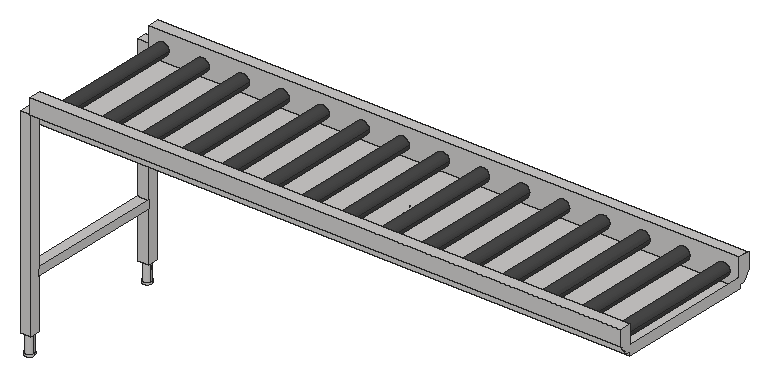
Revit family "QF_ELECTROLUXPROFESSIONAL_863035_HSLRC23", category Specialty Equipment, Revit 2018
Family settings
  Round Connector Dimension = Use Diameter
  Part Type = Normal
  Work Plane-Based = No
  Always vertical = Yes
  Cut with Voids When Loaded = No
  Shared = No
  Room Calculation Point = No
Parameters
  Weight = 0.00 kg
  Watts = 0 W
  Volts = 0 V
  URL Manufacturer = "http://professional.electrolux.com/"
  URL = "http://professional.electrolux.com/"
  Steam Supply Size = 0 mm
  Steam Supply Minimum Pressure = 0.0 Pa
  Steam Supply Maximum Pressure = 0.0 Pa
  Steam Pounds per Hour = 0
  Refrigeration Suction Line Size = 0 mm
  Refrigeration Liquid Line Size = 0 mm
  Refrigerant Compressor Remote = yes
  Manufacturer = "Electrolux"
  Phase = 0
  Model = "HSLRC23"
  Length Actual = 2300 mm  # constant formula
  Item Number = "863035"
  Hot Water Size = 0 mm
  Height Actual = 910 mm  # constant formula
  HP = "0 HP"
  Gas Size = 0 mm
  Gas KW = 0
  Gas Input Pressure = 0 W
  Description = "CONVEYOR, LONG ROLLERS, L=2300 MM"
  Depth Actual = 620 mm  # constant formula
  Cycle = 0 Hz
  Condensate Return Size = 0 mm
  Compressed Air Volume = 0.0 L/s
  Compressed Air Size = 0 mm
  Compressed Air Pressure = 0.0 Pa
  Cold Water Size = 0 mm
  Accessory = yes
Reference planes
  plane 1 "Centro (Fronte/Retro)": y = 74.737
  plane 2: z = 0
  plane 3 "LEFT": x = -1038.761
  plane 4 "BACK": y = 384.737
  plane 5 "FRONT": y = -235.263
  plane 6: z = 910
  plane 7 "RIGHT": x = 1261.239
  plane 8: x = 141.239
Forms (mm)
  Extrusion 1, solid, material "QF_Finishes_Stainless Steel"
    sketch origin (0, 74.737, 0) x (1, 0, 0) y (0, 0, 1)
      loop
        line (-1079.929, 300) -> (-1079.929, 270) -> (-1039.929, 270) -> (-1039.929, 300) -> (-1079.929, 300)
    from -266.504 to 266.46
  Extrusion 2, solid, material "QF_Finishes_Stainless Steel"
    sketch origin (11.239, 0, 0) x (0, 1, 0) y (0, 0, 1)
      loop
        line (-235.263, 910) -> (-235.263, 850.033) -> (-190.242, 850.033) -> (-190.242, 910) -> (-235.263, 910)
      loop
        line (384.737, 910) -> (339.716, 910) -> (339.716, 850.033) -> (384.737, 850.033) -> (384.737, 910)
    from -1050 to 1248.8
  Extrusion 3, solid, material "QF_Finishes_Stainless Steel"
    sketch origin (11.239, 0, 0) x (0, 1, 0) y (0, 0, 1)
      loop
        line (-191.727, 850.033) -> (-191.727, 800.081) -> (341.245, 800.081) -> (341.245, 850.033) -> (339.716, 850.033) -> (339.716, 803.081) -> (-190.242, 803.081) -> (-190.242, 850.033) -> (-191.727, 850.033)
    from -1050 to 1248.8
  Extrusion 4, solid, material "QF_Finishes_Black"
    sketch origin (0, 74.737, 0) x (1, 0, 0) y (0, 0, -1)
      loop
        circle (-980.637, -850.115) r 25
      loop
        circle (-824.655, -850.115) r 25
      loop
        circle (-668.673, -850.115) r 25
      loop
        circle (1203.115, -850.115) r 25
      loop
        circle (579.186, -850.115) r 25
      loop
        circle (735.168, -850.115) r 25
      loop
        circle (891.151, -850.115) r 25
      loop
        circle (1047.133, -850.115) r 25
      loop
        circle (-512.69, -850.115) r 25
      loop
        circle (423.204, -850.115) r 25
      loop
        circle (267.221, -850.115) r 25
      loop
        circle (111.239, -850.115) r 25
      loop
        circle (-356.708, -850.115) r 25
      loop
        circle (-44.743, -850.115) r 25
      loop
        circle (-200.726, -850.115) r 25
    from -260.534 to 260.534
  Extrusion 5, solid, material "QF_Finishes_Stainless Steel"
    sketch origin (2761.239, 723.253, 4000) x (0, 1, 0) y (0, 0, 1)
      loop
        line (-958.516, -3090) -> (-958.516, -3149.967) -> (-934.752, -3185.632) -> (-915.4, -3185.632) -> (-915.4, -3199.919) -> (-381.633, -3199.919) -> (-381.633, -3185.632) -> (-362.281, -3185.632) -> (-338.516, -3149.967) -> (-338.516, -3090) -> (-383.538, -3090) -> (-383.538, -3161.926) -> (-913.495, -3161.926) -> (-913.495, -3090) -> (-958.516, -3090)
    from -1500 to -1501.2
  Revolve 6, solid, material "QF_Finishes_Stainless Steel"
    sketch origin (111.04, 0, 0) x (0, 1, 0) y (0, 0, 1)
      loop
        line (74.737, 800.081) -> (12.53, 800.081) -> (12.319, 797.4) -> (12.319, 785.476) -> (17.293, 785.476) -> (17.293, 781.772)
        arc (17.293, 781.772) -> (20.266, 773.808) -> (27.77, 769.813) r 11.998
        line (27.77, 769.813) -> (74.737, 764.085) -> (74.737, 800.081)
      axis (74.737, 764.085) -> (74.737, 800.081)
    angle from 0 to 360
  Revolve 7, solid, material "QF_Finishes_Stainless Steel"
    sketch origin (141.04, -1524, 744.096) x (0, 0, 1) y (0, -1, 0)
      loop
        line (13.017, -1619.713) -> (30, -1619.713) -> (30, -1598.737) -> (0, -1598.737) -> (0, -1619.713) -> (2.434, -1622.253) -> (10.477, -1622.253) -> (13.017, -1619.713)
      axis (0, -1598.737) -> (30, -1598.737)
    angle from 0 to 360
Cuts and joins
  joined: Extrusion 2, Extrusion 3
Lines and regions (mm)
  Split face 1
    outline origin (1157.614, 339.716, 803.081) x (-1, 0, 0) y (0, -1, 0)
      loop
        circle (1047, 264.904) r 3.016
  Split face 2
    outline origin (1157.614, 339.716, 803.081) x (-1, 0, 0) y (0, -1, 0)
      loop
        circle (1047, 264.904) r 52.991
  Split face 3
    outline origin (1157.614, 339.716, 803.081) x (-1, 0, 0) y (0, -1, 0)
      loop
        circle (1047, 264.904) r 36.015
  Split face 4
    outline origin (1157.614, 339.716, 803.081) x (-1, 0, 0) y (0, -1, 0)
      loop
        circle (1047, 264.904) r 26.027
  Split face 5
    outline origin (1157.614, 339.716, 803.081) x (-1, 0, 0) y (0, -1, 0)
      loop
        circle (1047, 264.904) r 9.056
  Masking region 1
    outline origin (0, 0, 0) x (1, 0, 0) y (0, 1, 0)
      loop
        line (-1038.761, 384.737) -> (-1038.761, -235.263) -> (1261.239, -235.263) -> (1261.239, 384.737) -> (-1038.761, 384.737)
  symbolic lines
    curve 1: line (1261.239, 384.737, 0) -> (-1038.761, 384.737, 0)
    curve 2: line (-1038.761, 384.737, 0) -> (-1038.761, -235.263, 0)
    curve 3: line (-1038.761, 339.716, 0) -> (1261.239, 339.716, 0)
    curve 4: line (-1038.761, -235.263, 0) -> (1261.239, -235.263, 0)
    curve 5: line (1261.239, -235.263, 0) -> (1261.239, 384.737, 0)
    curve 6: line (1261.239, -190.242, 0) -> (-1038.761, -190.242, 0)
    curve 7: line (-955.637, 335.271, 0) -> (-1005.637, 335.271, 0)
    curve 8: line (-1005.637, 335.271, 0) -> (-1005.637, -185.797, 0)
    curve 9: line (-1005.637, -185.797, 0) -> (-955.637, -185.797, 0)
    curve 10: line (-955.637, -185.797, 0) -> (-955.637, 335.271, 0)
    curve 11: line (-799.655, 335.271, 0) -> (-849.655, 335.271, 0)
    curve 12: line (-849.655, 335.271, 0) -> (-849.655, -185.797, 0)
    curve 13: line (-849.655, -185.797, 0) -> (-799.655, -185.797, 0)
    curve 14: line (-799.655, -185.797, 0) -> (-799.655, 335.271, 0)
    curve 15: line (-643.673, 335.271, 0) -> (-693.673, 335.271, 0)
    curve 16: line (-693.673, 335.271, 0) -> (-693.673, -185.797, 0)
    curve 17: line (-693.673, -185.797, 0) -> (-643.673, -185.797, 0)
    curve 18: line (-643.673, -185.797, 0) -> (-643.673, 335.271, 0)
    curve 19: line (1228.115, 335.271, 0) -> (1178.115, 335.271, 0)
    curve 20: line (1178.115, 335.271, 0) -> (1178.115, -185.797, 0)
    curve 21: line (1178.115, -185.797, 0) -> (1228.115, -185.797, 0)
    curve 22: line (1228.115, -185.797, 0) -> (1228.115, 335.271, 0)
    curve 23: line (1261.239, 74.737, 0) -> (1231.239, 74.737, 0)
    curve 24: line (-1038.761, 74.737, 0) -> (-1008.761, 74.737, 0)
    curve 25: arc (110.596, 137.156, 0) -> (173.014, 74.737, 0) -> (110.596, 12.319, 0) r 62.418
    curve 26: arc (110.596, 12.319, 0) -> (48.177, 74.737, 0) -> (110.596, 137.156, 0) r 62.418
    curve 27: arc (140.596, 95.713, 0) -> (119.62, 74.737, 0) -> (140.596, 53.761, 0) r 20.976
    curve 28: arc (140.596, 53.761, 0) -> (161.572, 74.737, 0) -> (140.596, 95.713, 0) r 20.976
    curve 29: line (-487.69, 335.271, 0) -> (-537.69, 335.271, 0)
    curve 30: line (-537.69, 335.271, 0) -> (-537.69, -185.797, 0)
    curve 31: line (-537.69, -185.797, 0) -> (-487.69, -185.797, 0)
    curve 32: line (-487.69, -185.797, 0) -> (-487.69, 335.271, 0)
    curve 33: line (-331.708, 335.271, 0) -> (-381.708, 335.271, 0)
    curve 34: line (-381.708, 335.271, 0) -> (-381.708, -185.797, 0)
    curve 35: line (-381.708, -185.797, 0) -> (-331.708, -185.797, 0)
    curve 36: line (-331.708, -185.797, 0) -> (-331.708, 335.271, 0)
    curve 37: line (-175.726, 335.271, 0) -> (-225.726, 335.271, 0)
    curve 38: line (-225.726, 335.271, 0) -> (-225.726, -185.797, 0)
    curve 39: line (-225.726, -185.797, 0) -> (-175.726, -185.797, 0)
    curve 40: line (-175.726, -185.797, 0) -> (-175.726, 335.271, 0)
    curve 41: line (-19.743, 335.271, 0) -> (-69.743, 335.271, 0)
    curve 42: line (-69.743, 335.271, 0) -> (-69.743, -185.797, 0)
    curve 43: line (-69.743, -185.797, 0) -> (-19.743, -185.797, 0)
    curve 44: line (-19.743, -185.797, 0) -> (-19.743, 335.271, 0)
    curve 45: line (136.239, 335.271, 0) -> (86.239, 335.271, 0)
    curve 46: line (86.239, 335.271, 0) -> (86.239, -185.797, 0)
    curve 47: line (86.239, -185.797, 0) -> (136.239, -185.797, 0)
    curve 48: line (136.239, -185.797, 0) -> (136.239, 335.271, 0)
    curve 49: line (292.221, 335.271, 0) -> (242.221, 335.271, 0)
    curve 50: line (242.221, 335.271, 0) -> (242.221, -185.797, 0)
    curve 51: line (242.221, -185.797, 0) -> (292.221, -185.797, 0)
    curve 52: line (292.221, -185.797, 0) -> (292.221, 335.271, 0)
    curve 53: line (448.204, 335.271, 0) -> (398.204, 335.271, 0)
    curve 54: line (398.204, 335.271, 0) -> (398.204, -185.797, 0)
    curve 55: line (398.204, -185.797, 0) -> (448.204, -185.797, 0)
    curve 56: line (448.204, -185.797, 0) -> (448.204, 335.271, 0)
    curve 57: line (604.186, 335.271, 0) -> (554.186, 335.271, 0)
    curve 58: line (554.186, 335.271, 0) -> (554.186, -185.797, 0)
    curve 59: line (554.186, -185.797, 0) -> (604.186, -185.797, 0)
    curve 60: line (604.186, -185.797, 0) -> (604.186, 335.271, 0)
    curve 61: line (760.168, 335.271, 0) -> (710.168, 335.271, 0)
    curve 62: line (710.168, 335.271, 0) -> (710.168, -185.797, 0)
    curve 63: line (710.168, -185.797, 0) -> (760.168, -185.797, 0)
    curve 64: line (760.168, -185.797, 0) -> (760.168, 335.271, 0)
    curve 65: line (916.151, 335.271, 0) -> (866.151, 335.271, 0)
    curve 66: line (866.151, 335.271, 0) -> (866.151, -185.797, 0)
    curve 67: line (866.151, -185.797, 0) -> (916.151, -185.797, 0)
    curve 68: line (916.151, -185.797, 0) -> (916.151, 335.271, 0)
    curve 69: line (1072.133, 335.271, 0) -> (1022.133, 335.271, 0)
    curve 70: line (1022.133, 335.271, 0) -> (1022.133, -185.797, 0)
    curve 71: line (1022.133, -185.797, 0) -> (1072.133, -185.797, 0)
    curve 72: line (1072.133, -185.797, 0) -> (1072.133, 335.271, 0)
Dimensions and locks
  plane 3 "LEFT" to plane 7 "RIGHT" = 2300 mm
  equal spacing: plane 4 "BACK", plane 1 "Centro (Fronte/Retro)", plane 5 "FRONT"
  plane 4 "BACK" to plane 5 "FRONT" = 620 mm
  locked: Extrusion 4 sketch curve to plane 3 "LEFT" at 58.124
  locked: plane 7 "RIGHT" to Extrusion 4 sketch curve at 58.124
  equal spacing: Extrusion 4 sketch curve, Extrusion 4 sketch curve, Extrusion 4 sketch curve, Extrusion 4 sketch curve, Extrusion 4 sketch curve, Extrusion 4 sketch curve, Extrusion 4 sketch curve, Extrusion 4 sketch curve, Extrusion 4 sketch curve, Extrusion 4 sketch curve, Extrusion 4 sketch curve, Extrusion 4 sketch curve, Extrusion 4 sketch curve, Extrusion 4 sketch curve, Extrusion 4 sketch curve
  aligned and locked: level to plane 2
Automatic sketch dimensions
  Extrusion 1 sketch curve to plane 3 "LEFT" = 41.168 mm
  Extrusion 1 sketch curve to plane 3 "LEFT" = 1.168 mm
  level to Extrusion 1 sketch curve = 270 mm
  Extrusion 1 sketch curve to Extrusion 1 sketch curve = 30 mm
  Extrusion 2 sketch curve to plane 5 "FRONT" = 0 mm
  Extrusion 2 sketch curve to plane 6 = 0 mm  (x2)
  Extrusion 2 sketch curve to plane 4 "BACK" = 0 mm
  plane 5 "FRONT" to Extrusion 2 sketch curve = 45.021 mm
  Extrusion 2 sketch curve to plane 4 "BACK" = 45.021 mm
  Extrusion 2 sketch curve to Extrusion 2 sketch curve = 59.967 mm  (x2)
  plane 5 "FRONT" to Extrusion 3 sketch curve = 43.536 mm
  Extrusion 3 sketch curve to Extrusion 3 sketch curve = 1.486 mm
  Extrusion 3 sketch curve to plane 4 "BACK" = 45.021 mm
  Extrusion 3 sketch curve to Extrusion 3 sketch curve = 1.529 mm
  Extrusion 3 sketch curve to plane 6 = 109.919 mm
  Extrusion 3 sketch curve to Extrusion 3 sketch curve = 3 mm
  Extrusion 3 sketch curve to Extrusion 3 sketch curve = 46.952 mm  (x2)
  Split face 1 sketch curve to cut or joined group of Extrusion 2, Extrusion 3 = 1149.425 mm
  cut or joined group of Extrusion 2, Extrusion 3 to Split face 1 sketch curve = 264.904 mm
  Split face 2 sketch curve to cut or joined group of Extrusion 2, Extrusion 3 = 1149.425 mm
  cut or joined group of Extrusion 2, Extrusion 3 to Split face 2 sketch curve = 264.904 mm
  Split face 3 sketch curve to cut or joined group of Extrusion 2, Extrusion 3 = 1149.425 mm
  cut or joined group of Extrusion 2, Extrusion 3 to Split face 3 sketch curve = 264.904 mm
  Split face 4 sketch curve to cut or joined group of Extrusion 2, Extrusion 3 = 1149.425 mm
  cut or joined group of Extrusion 2, Extrusion 3 to Split face 4 sketch curve = 264.904 mm
  Split face 5 sketch curve to cut or joined group of Extrusion 2, Extrusion 3 = 1149.425 mm
  cut or joined group of Extrusion 2, Extrusion 3 to Split face 5 sketch curve = 264.904 mm
  Masking region 1 sketch curve to plane 3 "LEFT" = 0 mm
  Masking region 1 sketch curve to plane 5 "FRONT" = 0 mm
  Masking region 1 sketch curve to plane 7 "RIGHT" = 0 mm
  Masking region 1 sketch curve to plane 4 "BACK" = 0 mm
  Extrusion 5 sketch curve to plane 5 "FRONT" = 0 mm
  Extrusion 5 sketch curve to plane 6 = 0 mm  (x2)
  Extrusion 5 sketch curve to plane 4 "BACK" = 0 mm
  plane 5 "FRONT" to Extrusion 5 sketch curve = 23.764 mm
  Extrusion 5 sketch curve to Extrusion 5 sketch curve = 19.352 mm  (x2)
  plane 5 "FRONT" to Extrusion 5 sketch curve = 45.021 mm
  Extrusion 5 sketch curve to plane 4 "BACK" = 45.021 mm
  Extrusion 5 sketch curve to Extrusion 5 sketch curve = 1.905 mm
  Extrusion 5 sketch curve to Extrusion 5 sketch curve = 59.967 mm  (x2)
  Extrusion 5 sketch curve to Extrusion 5 sketch curve = 11.959 mm
  Extrusion 5 sketch curve to Extrusion 5 sketch curve = 23.706 mm  (x2)
  Extrusion 5 sketch curve to Extrusion 5 sketch curve = 14.287 mm
  Revolve 6 sketch curve to plane 1 "Centro (Fronte/Retro)" = 0 mm  (x2)
  plane 1 "Centro (Fronte/Retro)" to Revolve 6 sketch curve = 45.447 mm
  Revolve 6 sketch curve to Revolve 6 sketch curve = 1.52 mm
  Revolve 6 sketch curve to Revolve 6 sketch curve = 11.998 mm
  Revolve 6 sketch curve to Revolve 6 sketch curve = 4.762 mm
  Revolve 6 sketch curve to Revolve 6 sketch curve = 4.974 mm
  Revolve 6 sketch curve to plane 6 = 145.915 mm
  Revolve 6 sketch curve to Revolve 6 sketch curve = 5.727 mm
  Revolve 6 sketch curve to Revolve 6 sketch curve = 11.901 mm
  Revolve 6 sketch curve to Revolve 6 sketch curve = 3.704 mm
  Revolve 6 sketch curve to Revolve 6 sketch curve = 11.924 mm
  Revolve 6 sketch curve to Revolve 6 sketch curve = 2.681 mm
  Revolve 6 sketch curve to Revolve 6 sketch curve = 3 mm
  Revolve 6 sketch curve to Revolve 6 sketch curve = 14.991 mm
  Revolve 7 sketch curve to plane 1 "Centro (Fronte/Retro)" = 0 mm  (x2)
  Revolve 7 sketch curve to plane 1 "Centro (Fronte/Retro)" = 20.976 mm
  Revolve 7 sketch curve to plane 6 = 165.904 mm
  Revolve 7 sketch curve to plane 1 "Centro (Fronte/Retro)" = 23.516 mm
  Revolve 7 sketch curve to Revolve 7 sketch curve = 2.434 mm
  Revolve 7 sketch curve to Revolve 7 sketch curve = 8.043 mm
  Revolve 7 sketch curve to Revolve 7 sketch curve = 2.54 mm  (x2)
  Revolve 7 sketch curve to Revolve 7 sketch curve = 16.983 mm
  Revolve 7 sketch curve to Revolve 7 sketch curve = 3.127 mm
  Revolve 7 sketch curve to Revolve 7 sketch curve = 7.343 mm
  Extrusion 4 sketch curve to plane 6 = 59.885 mm  (x15)
  curve 25 to curve 26 = 0 mm  (x2)
  curve 27 to curve 28 = 0 mm  (x2)
  curve 4 to plane 3 "LEFT" = 0 mm
  plane 1 "Centro (Fronte/Retro)" to curve 24 = 0 mm
  plane 1 "Centro (Fronte/Retro)" to curve 25 = 0 mm
  plane 1 "Centro (Fronte/Retro)" to curve 28 = 0 mm
  plane 1 "Centro (Fronte/Retro)" to curve 23 = 0 mm
  curve 6 to plane 7 "RIGHT" = 0 mm
  plane 5 "FRONT" to curve 4 = 0 mm
  curve 2 to plane 4 "BACK" = 0 mm
  plane 3 "LEFT" to curve 9 = 33.124 mm
  curve 7 to curve 10 = 50 mm
  plane 5 "FRONT" to curve 12 = 49.466 mm
  curve 9 to curve 12 = 105.982 mm
  curve 11 to curve 11 = 50 mm
  plane 5 "FRONT" to curve 16 = 49.466 mm
  curve 13 to curve 16 = 105.982 mm
  curve 15 to curve 15 = 50 mm
  plane 5 "FRONT" to curve 30 = 49.466 mm
  curve 17 to curve 30 = 105.982 mm
  curve 29 to curve 29 = 50 mm
  plane 5 "FRONT" to curve 34 = 49.466 mm
  curve 31 to curve 34 = 105.982 mm
  curve 33 to curve 33 = 50 mm
  curve 37 to plane 4 "BACK" = 49.466 mm
  curve 33 to curve 37 = 105.982 mm
  curve 38 to curve 39 = 50 mm
  curve 41 to plane 4 "BACK" = 49.466 mm
  curve 37 to curve 41 = 105.982 mm
  curve 42 to curve 43 = 50 mm
  curve 46 to plane 8 = 55 mm
  curve 25 to plane 8 = 30.643 mm
  curve 48 to plane 8 = 5 mm
  curve 28 to plane 8 = 0.643 mm
  curve 50 to plane 4 "BACK" = 49.466 mm
  plane 8 to curve 50 = 100.982 mm
  curve 50 to curve 52 = 50 mm
  curve 53 to plane 4 "BACK" = 49.466 mm
  curve 49 to curve 53 = 105.982 mm
  curve 53 to curve 56 = 50 mm
  curve 58 to plane 4 "BACK" = 49.466 mm
  curve 53 to curve 58 = 105.982 mm
  curve 58 to curve 59 = 50 mm
  curve 61 to plane 4 "BACK" = 49.466 mm
  curve 57 to curve 61 = 105.982 mm
  curve 61 to curve 64 = 50 mm
  curve 65 to plane 4 "BACK" = 49.466 mm
  curve 61 to curve 65 = 105.982 mm
  curve 65 to curve 65 = 50 mm
  curve 69 to plane 4 "BACK" = 49.466 mm
  curve 65 to curve 69 = 105.982 mm
  curve 69 to curve 69 = 50 mm
  curve 20 to plane 7 "RIGHT" = 83.124 mm
  curve 21 to plane 7 "RIGHT" = 33.124 mm
  plane 5 "FRONT" to curve 71 = 49.466 mm
  plane 5 "FRONT" to curve 67 = 49.466 mm
  plane 5 "FRONT" to curve 64 = 49.466 mm
  plane 5 "FRONT" to curve 8 = 49.466 mm
  plane 5 "FRONT" to curve 60 = 49.466 mm
  plane 5 "FRONT" to curve 56 = 49.466 mm
  plane 5 "FRONT" to curve 52 = 49.466 mm
  plane 5 "FRONT" to curve 20 = 49.466 mm
  plane 5 "FRONT" to curve 48 = 49.466 mm
  plane 5 "FRONT" to curve 44 = 49.466 mm
  plane 5 "FRONT" to curve 40 = 49.466 mm
  curve 36 to plane 4 "BACK" = 49.466 mm
  curve 29 to plane 4 "BACK" = 49.466 mm
  curve 45 to plane 4 "BACK" = 49.466 mm
  curve 22 to plane 4 "BACK" = 49.466 mm
  curve 18 to plane 4 "BACK" = 49.466 mm
  curve 14 to plane 4 "BACK" = 49.466 mm
  curve 10 to plane 4 "BACK" = 49.466 mm
  plane 3 "LEFT" to curve 24 = 30 mm
  curve 23 to plane 7 "RIGHT" = 30 mm
  curve 6 to curve 21 = 4.445 mm
  curve 26 to curve 25 = 62.418 mm
  curve 28 to curve 27 = 20.976 mm
  curve 19 to curve 3 = 4.445 mm
  radius of Split face 1 sketch curve = 3.016 mm
  radius of Split face 2 sketch curve = 52.991 mm
  radius of Split face 3 sketch curve = 36.015 mm
  radius of Split face 4 sketch curve = 26.027 mm
  radius of Split face 5 sketch curve = 9.056 mm
  radius of Extrusion 4 sketch curve = 25 mm  (x15)
Nested families
  nested 1: "Foot_40x40" at (-1059.929, 361.245, 0), type "Foot_40x40"
    with A 850.033 mm
  nested 2: "Foot_40x40" at (-1059.929, -211.771, 0), type "Foot_40x40"
    with A 850.033 mm
  nested 3: "Foot_40x40" at (-1059.929, 361.288, 0), type "Foot_40x40"
    with A 850.033 mm
Connectors
  piping at (141.04, 74.737, 744.096), diameter 30
    settings: on Revolve 7, index 4, connector inside diameter 609.6 mm, connector length 0 mm, flow factor 0, pipe flow 0.0 L/s, pressure drop 0.0 Pa, fitting loss kfactor 0, connector angle 0.00°, fixture units 0, engagement length 0 mm, angle of deflection 0.00°, flow configuration 1, flow direction 2, fitting loss method 0, system type 16, joint type 0, gender type 0, connector reference index -1, connector utility 0, adjustable connector no, is connector primary yes, connector description "Drain"
Definition of nested family "Foot_40x40"
  Parameters
    A [instance] = 850 mm
  Reference planes
    plane 1 "Centro (Fronte/Retro)": y = 0
    plane 2: z = 0
    plane 3 "Centro (Sinistra/Destra)": x = 0
    plane 4: z = 850
  Forms (mm)
    Extrusion 1, solid
      sketch origin (0, 0, 0) x (1, 0, 0) y (0, 1, 0)
        loop
          circle (0, 0) r 18
      from 0 to 5
    Extrusion 2, solid
      sketch origin (0, 0, 5) x (1, 0, 0) y (0, 1, 0)
        loop
          circle (0, 0) r 15
      from 0 to 70
    Extrusion 3, solid
      sketch origin (0, 0, 75) x (1, 0, 0) y (0, 1, 0)
        loop
          line (-20, 20) -> (-20, -20) -> (20, -20) -> (20, 20) -> (-20, 20)
      from 0 to 775
  Dimensions and locks
    "A": plane 4 to plane 2
    aligned and locked: level to plane 2
    aligned and locked: plane 4 to Extrusion 3
    aligned and locked: Extrusion 1 to level
  Automatic sketch dimensions
    plane 1 "Centro (Fronte/Retro)" to Extrusion 1 sketch curve = 0 mm
    Extrusion 1 sketch curve to plane 3 "Centro (Sinistra/Destra)" = 0 mm
    Extrusion 3 sketch curve to Extrusion 3 sketch curve = 40 mm  (x2)
    radius of Extrusion 1 sketch curve = 18 mm
    radius of Extrusion 2 sketch curve to Extrusion 1 = 3 mm
